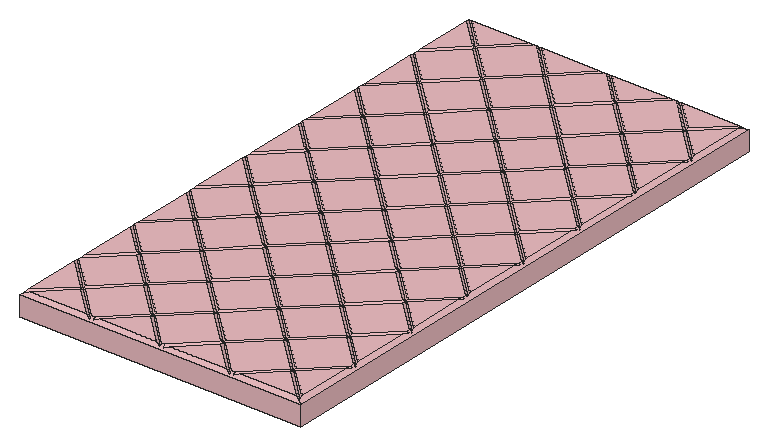
Revit family "CROSSED 2ft x 4ft", category Specialty Equipment, Revit 2023
Family settings
  Round Connector Dimension = Use Diameter
  Part Type = Normal
  OmniClass Number = 23.35.00.00
  OmniClass Title = Covering, Cladding, and Finishes
  Work Plane-Based = Yes
  Enable Cutting in Views = Yes
  Always vertical = No
  Cut with Voids When Loaded = No
  Maintain Annotation Orientation = No
  Shared = No
  Room Calculation Point = No
Parameters (values of type "2 INCH THICK - CUSTOM PAINTED - STANDARD")
  URL = "https://www.acousticalsurfaces.com/envirocoustic-wood-wool/designs/"
  Type Comments = "Acoustic panels for vertical and horizontal surfaces"
  Thickness = 0' - 2"
  Recycled Content Percentage = "0%"
  Model = "Envirocoustic Wood Wool"
  Material = "Envirocoustic Wood Wool"
  Manufacturer = "Acoustical Surfaces, Inc."
  Fire Rating = "ASTM E84 - Class A"
  Finish = Paint - Acoustical-Surfaces - Custom Painted
  Description = "Acoustic Panels"
  Default Elevation = 0' - 0"
  Backer Thickness = 0' - 1"
  Backer = no
  Assembly Code = "C30"
  Acoustics - NRC = "Sound absorption varies from NRC 0.45 to 0.95 based on installation method used when tested per ASTM C423."
Types (27): name | Thickness | Finish | Backer Thickness | Backer
  2 INCH THICK - CUSTOM PAINTED - STANDARD | 0' - 2" | Paint - Acoustical-Surfaces - Custom Painted | 0' - 1" | no
  2 INCH THICK - PRIMED WHITE - STANDARD | 0' - 2" | Paint - Acoustical-Surfaces - Primed White | 0' - 1" | no
  2 INCH THICK - PRIMED CLEAR - STANDARD | 0' - 2" | Paint - Acoustical-Surfaces - Primed Clear | 0' - 1" | no
  2 INCH THICK - PRIMED WHITE - 2 INCH CFAB BACKER | 0' - 2" | Paint - Acoustical-Surfaces - Primed White | 0' - 2" | yes
  2 INCH THICK - PRIMED WHITE - 1 INCH CFAB BACKER | 0' - 2" | Paint - Acoustical-Surfaces - Primed White | 0' - 1" | yes
  2 INCH THICK - PRIMED CLEAR - 2 INCH CFAB BACKER | 0' - 2" | Paint - Acoustical-Surfaces - Primed Clear | 0' - 2" | yes
  2 INCH THICK - PRIMED CLEAR - 1 INCH CFAB BACKER | 0' - 2" | Paint - Acoustical-Surfaces - Primed Clear | 0' - 1" | yes
  2 INCH THICK - CUSTOM PAINTED - 2 INCH CFAB BACKER | 0' - 2" | Paint - Acoustical-Surfaces - Custom Painted | 0' - 2" | yes
  2 INCH THICK - CUSTOM PAINTED - 1 INCH CFAB BACKER | 0' - 2" | Paint - Acoustical-Surfaces - Custom Painted | 0' - 1" | yes
  1-3/8 INCH THICK - CUSTOM PAINTED - STANDARD | 0' - 1 3/8" | Paint - Acoustical-Surfaces - Custom Painted | 0' - 1" | no
  1-3/8 INCH THICK - PRIMED WHITE - STANDARD | 0' - 1 3/8" | Paint - Acoustical-Surfaces - Primed White | 0' - 1" | no
  1-3/8 INCH THICK - PRIMED CLEAR - STANDARD | 0' - 1 3/8" | Paint - Acoustical-Surfaces - Primed Clear | 0' - 1" | no
  1-3/8 INCH THICK - PRIMED WHITE - 2 INCH CFAB BACKER | 0' - 1 3/8" | Paint - Acoustical-Surfaces - Primed White | 0' - 2" | yes
  1-3/8 INCH THICK - PRIMED WHITE - 1 INCH CFAB BACKER | 0' - 1 3/8" | Paint - Acoustical-Surfaces - Primed White | 0' - 1" | yes
  1-3/8 INCH THICK - PRIMED CLEAR - 2 INCH CFAB BACKER | 0' - 1 3/8" | Paint - Acoustical-Surfaces - Primed Clear | 0' - 2" | yes
  1-3/8 INCH THICK - PRIMED CLEAR - 1 INCH CFAB BACKER | 0' - 1 3/8" | Paint - Acoustical-Surfaces - Primed Clear | 0' - 1" | yes
  1-3/8 INCH THICK - CUSTOM PAINTED - 2 INCH CFAB BACKER | 0' - 1 3/8" | Paint - Acoustical-Surfaces - Custom Painted | 0' - 2" | yes
  1-3/8 INCH THICK - CUSTOM PAINTED - 1 INCH CFAB BACKER | 0' - 1 3/8" | Paint - Acoustical-Surfaces - Custom Painted | 0' - 1" | yes
  1 INCH THICK - CUSTOM PAINTED - STANDARD | 0' - 1" | Paint - Acoustical-Surfaces - Custom Painted | 0' - 1" | no
  1 INCH THICK - PRIMED WHITE - STANDARD | 0' - 1" | Paint - Acoustical-Surfaces - Primed White | 0' - 1" | no
  1 INCH THICK - PRIMED CLEAR - STANDARD | 0' - 1" | Paint - Acoustical-Surfaces - Primed Clear | 0' - 1" | no
  1 INCH THICK - PRIMED WHITE - 2 INCH CFAB BACKER | 0' - 1" | Paint - Acoustical-Surfaces - Primed White | 0' - 2" | yes
  1 INCH THICK - PRIMED WHITE - 1 INCH CFAB BACKER | 0' - 1" | Paint - Acoustical-Surfaces - Primed White | 0' - 1" | yes
  1 INCH THICK - PRIMED CLEAR - 2 INCH CFAB BACKER | 0' - 1" | Paint - Acoustical-Surfaces - Primed Clear | 0' - 2" | yes
  1 INCH THICK - PRIMED CLEAR - 1 INCH CFAB BACKER | 0' - 1" | Paint - Acoustical-Surfaces - Primed Clear | 0' - 1" | yes
  1 INCH THICK - CUSTOM PAINTED - 2 INCH CFAB BACKER | 0' - 1" | Paint - Acoustical-Surfaces - Custom Painted | 0' - 2" | yes
  1 INCH THICK - CUSTOM PAINTED - 1 INCH CFAB BACKER | 0' - 1" | Paint - Acoustical-Surfaces - Custom Painted | 0' - 1" | yes
Reference planes (in)
  plane 1 "Center (Front/Back)": y = 0
  plane 2: z = 0
  plane 3 "Center (Left/Right)": x = 0
  plane 4: x = -12
  plane 5: x = 12
  plane 6: y = 24
  plane 7: y = -24
  plane 8: z = 2
  plane 9: z = -1
Forms (in)
  Extrusion 1, solid, material "Paint - Acoustical-Surfaces - Custom Painted" <- "Finish"
    sketch origin (0, 0, 0) x (1, 0, 0) y (0, 1, 0)
      loop
        line (12, 24) -> (-12, 24) -> (-12, -24) -> (12, -24) -> (12, 24)
    from 0 to 2
  Sweep 2, void
    path in 3D
      loop
        line (12, 24, 2) -> (-12, 24, 2) -> (-12, -24, 2) -> (12, -24, 2) -> (12, 24, 2)
    profile "Triangle : Family2" origin (12, 0, 2) x (-1, 0, 0) y (0, 0, 1)
      loop
        line (0, 0) -> (0, -0.315) -> (0.315, 0) -> (0, 0)
  Extrusion 3, solid, visible <- "Backer"
    sketch origin (0, 0, 0) x (1, 0, 0) y (0, 1, 0)
      loop
        line (12, 24) -> (-12, 24) -> (-12, -24) -> (12, -24) -> (12, 24)
    from 0 to -1
  Sweep 4, void
    path origin (0, 0, 2) x (1, 0, 0) y (0, 1, 0)
      loop
        line (12.00002, 18) -> (6.00002, 24)
    profile "Groove : Family2" origin (9.00002, 21, 2) x (-0.707107, -0.707107, 0) y (0, 0, 1)
      loop
        line (-0.1575, 0) -> (0, -0.1575) -> (0.1575, 0) -> (-0.1575, 0)
  Sweep 5, void
    path origin (0, 0, 2) x (1, 0, 0) y (0, 1, 0)
      loop
        line (12, 12) -> (0, 24)
    profile "Groove : Family2" origin (6, 18, 2) x (-0.707107, -0.707107, 0) y (0, 0, 1)
      loop
        line (-0.1575, 0) -> (0, -0.1575) -> (0.1575, 0) -> (-0.1575, 0)
  Sweep 6, void
    path origin (0, 0, 2) x (1, 0, 0) y (0, 1, 0)
      loop
        line (12, 6) -> (-6.00002, 24)
    profile "Groove : Family2" origin (2.99999, 15, 2) x (-0.707106, -0.707107, 0) y (0, 0, 1)
      loop
        line (-0.1575, 0) -> (0, -0.1575) -> (0.1575, 0) -> (-0.1575, 0)
  Sweep 7, void
    path origin (0, 0, 2) x (1, 0, 0) y (0, 1, 0)
      loop
        line (-12, 24) -> (12, 0)
    profile "Groove : Family2" origin (0, 12, 2) x (0.707107, 0.707107, 0) y (0, 0, 1)
      loop
        line (-0.1575, 0) -> (0, -0.1575) -> (0.1575, 0) -> (-0.1575, 0)
  Sweep 8, void
    path origin (0, 0, 2) x (1, 0, 0) y (0, 1, 0)
      loop
        line (-12.00002, 18) -> (12, -6)
    profile "Groove : Family2" origin (-0.00001, 6, 2) x (0.707106, 0.707107, 0) y (0, 0, 1)
      loop
        line (-0.1575, 0) -> (0, -0.1575) -> (0.1575, 0) -> (-0.1575, 0)
  Sweep 9, void
    path origin (0, 0, 2) x (1, 0, 0) y (0, 1, 0)
      loop
        line (-12, 12) -> (12, -12)
    profile "Groove : Family2" origin (0, 0, 2) x (0.707107, 0.707107, 0) y (0, 0, 1)
      loop
        line (-0.1575, 0) -> (0, -0.1575) -> (0.1575, 0) -> (-0.1575, 0)
  Sweep 10, void
    path origin (0, 0, 2) x (1, 0, 0) y (0, 1, 0)
      loop
        line (-12, 6) -> (12, -18)
    profile "Groove : Family2" origin (0, -6, 2) x (0.707107, 0.707107, 0) y (0, 0, 1)
      loop
        line (-0.1575, 0) -> (0, -0.1575) -> (0.1575, 0) -> (-0.1575, 0)
  Sweep 11, void
    path origin (0, 0, 2) x (1, 0, 0) y (0, 1, 0)
      loop
        line (-12, 0) -> (12, -24)
    profile "Groove : Family2" origin (0, -12, 2) x (0.707107, 0.707107, 0) y (0, 0, 1)
      loop
        line (-0.1575, 0) -> (0, -0.1575) -> (0.1575, 0) -> (-0.1575, 0)
  Sweep 12, void
    path origin (0, 0, 2) x (1, 0, 0) y (0, 1, 0)
      loop
        line (6.00002, -24.00002) -> (-12, -6)
    profile "Groove : Family2" origin (-2.99999, -15.00001, 2) x (-0.707107, -0.707107, 0) y (0, 0, 1)
      loop
        line (-0.1575, 0) -> (0, -0.1575) -> (0.1575, 0) -> (-0.1575, 0)
  Sweep 13, void
    path origin (0, 0, 2) x (1, 0, 0) y (0, 1, 0)
      loop
        line (0, -24) -> (-12, -12)
    profile "Groove : Family2" origin (-6, -18, 2) x (-0.707107, -0.707107, 0) y (0, 0, 1)
      loop
        line (-0.1575, 0) -> (0, -0.1575) -> (0.1575, 0) -> (-0.1575, 0)
  Sweep 14, void
    path origin (0, 0, 2) x (1, 0, 0) y (0, 1, 0)
      loop
        line (-6.00002, -24) -> (-12, -18)
    profile "Groove : Family2" origin (-9.00001, -21, 2) x (-0.707108, -0.707106, 0) y (0, 0, 1)
      loop
        line (-0.1575, 0) -> (0, -0.1575) -> (0.1575, 0) -> (-0.1575, 0)
  Sweep 15, void
    path origin (0, 0, 2) x (1, 0, 0) y (0, 1, 0)
      loop
        line (-6.00002, 24) -> (-12.00002, 18)
    profile "Groove : Family2" origin (-9.00002, 21, 2) x (0.707107, -0.707107, 0) y (0, 0, 1)
      loop
        line (-0.1575, 0) -> (0, -0.1575) -> (0.1575, 0) -> (-0.1575, 0)
  Sweep 16, void
    path origin (0, 0, 2) x (1, 0, 0) y (0, 1, 0)
      loop
        line (0, 24) -> (-12, 12)
    profile "Groove : Family2" origin (-6, 18, 2) x (0.707107, -0.707107, 0) y (0, 0, 1)
      loop
        line (-0.1575, 0) -> (0, -0.1575) -> (0.1575, 0) -> (-0.1575, 0)
  Sweep 17, void
    path origin (0, 0, 2) x (1, 0, 0) y (0, 1, 0)
      loop
        line (6.00002, 24) -> (-12, 6)
    profile "Groove : Family2" origin (-2.99999, 15, 2) x (0.707106, -0.707107, 0) y (0, 0, 1)
      loop
        line (-0.1575, 0) -> (0, -0.1575) -> (0.1575, 0) -> (-0.1575, 0)
  Sweep 18, void
    path origin (0, 0, 2) x (1, 0, 0) y (0, 1, 0)
      loop
        line (12, 24) -> (-12, 0)
    profile "Groove : Family2" origin (0, 12, 2) x (0.707107, -0.707107, 0) y (0, 0, 1)
      loop
        line (-0.1575, 0) -> (0, -0.1575) -> (0.1575, 0) -> (-0.1575, 0)
  Sweep 19, void
    path origin (0, 0, 2) x (1, 0, 0) y (0, 1, 0)
      loop
        line (-12, -6) -> (12.00002, 18)
    profile "Groove : Family2" origin (0.00001, 6, 2) x (-0.707106, 0.707107, 0) y (0, 0, 1)
      loop
        line (-0.1575, 0) -> (0, -0.1575) -> (0.1575, 0) -> (-0.1575, 0)
  Sweep 20, void
    path origin (0, 0, 2) x (1, 0, 0) y (0, 1, 0)
      loop
        line (-12, -12) -> (12, 12)
    profile "Groove : Family2" origin (0, 0, 2) x (-0.707107, 0.707107, 0) y (0, 0, 1)
      loop
        line (-0.1575, 0) -> (0, -0.1575) -> (0.1575, 0) -> (-0.1575, 0)
  Sweep 21, void
    path origin (0, 0, 2) x (1, 0, 0) y (0, 1, 0)
      loop
        line (-12, -18) -> (12, 6)
    profile "Groove : Family2" origin (0, -6, 2) x (-0.707107, 0.707107, 0) y (0, 0, 1)
      loop
        line (-0.1575, 0) -> (0, -0.1575) -> (0.1575, 0) -> (-0.1575, 0)
  Sweep 22, void
    path origin (0, 0, 2) x (1, 0, 0) y (0, 1, 0)
      loop
        line (12, 0) -> (-12, -24)
    profile "Groove : Family2" origin (0, -12, 2) x (0.707107, -0.707107, 0) y (0, 0, 1)
      loop
        line (-0.1575, 0) -> (0, -0.1575) -> (0.1575, 0) -> (-0.1575, 0)
  Sweep 23, void
    path origin (0, 0, 2) x (1, 0, 0) y (0, 1, 0)
      loop
        line (12, -6) -> (-6.00002, -24.00002)
    profile "Groove : Family2" origin (2.99999, -15.00001, 2) x (0.707107, -0.707107, 0) y (0, 0, 1)
      loop
        line (-0.1575, 0) -> (0, -0.1575) -> (0.1575, 0) -> (-0.1575, 0)
  Sweep 24, void
    path origin (0, 0, 2) x (1, 0, 0) y (0, 1, 0)
      loop
        line (12, -12) -> (0, -24)
    profile "Groove : Family2" origin (6, -18, 2) x (0.707107, -0.707107, 0) y (0, 0, 1)
      loop
        line (-0.1575, 0) -> (0, -0.1575) -> (0.1575, 0) -> (-0.1575, 0)
  Sweep 25, void
    path origin (0, 0, 2) x (1, 0, 0) y (0, 1, 0)
      loop
        line (12, -18) -> (6.00002, -24)
    profile "Groove : Family2" origin (9.00001, -21, 2) x (0.707108, -0.707106, 0) y (0, 0, 1)
      loop
        line (-0.1575, 0) -> (0, -0.1575) -> (0.1575, 0) -> (-0.1575, 0)
Cuts and joins
  Sweep 2, Sweep 4, Sweep 5, Sweep 6, Sweep 7, Sweep 8, Sweep 9, Sweep 10, Sweep 11, Sweep 12, Sweep 13, Sweep 14, Sweep 15, Sweep 16, Sweep 17, Sweep 18, Sweep 19, Sweep 20, Sweep 21, Sweep 22, Sweep 23, Sweep 24, Sweep 25 cuts Extrusion 1
Lines and regions (in)
  sketch lines
    curve 1: line (12, -24, 2) -> (12, 24, 2)
    curve 2: line (-12, -24, 2) -> (12, -24, 2)
    curve 3: line (-12, 24, 2) -> (-12, -24, 2)
    curve 4: line (12, 24, 2) -> (-12, 24, 2)
Dimensions and locks (in)
  equal spacing: plane 4, plane 3 "Center (Left/Right)", plane 5
  equal spacing: plane 7, plane 1 "Center (Front/Back)", plane 6
  plane 7 to plane 6 = 4' - 0"
  locked: plane 4 to plane 5 at 24
  "Thickness": plane 8 to level
  "Backer Thickness": level to plane 9
  aligned and locked: level to plane 2
  aligned and locked: Extrusion 1 sketch curve to plane 4
  aligned and locked: plane 5 to Extrusion 1 sketch curve
  aligned and locked: Extrusion 1 sketch curve to plane 6
  aligned and locked: Extrusion 1 sketch curve to plane 7
  aligned and locked: Extrusion 1 to plane 8
  aligned and locked: Extrusion 3 sketch curve to plane 4
  aligned and locked: plane 5 to Extrusion 3 sketch curve
  aligned and locked: Extrusion 3 sketch curve to plane 6
  aligned and locked: Extrusion 3 sketch curve to plane 7
  aligned and locked: plane 9 to Extrusion 3
Automatic sketch dimensions
  Sweep 13 sketch curve to Extrusion 1 = 0' - 0"
  Extrusion 1 to Sweep 13 sketch curve = 0' - 0"
  Sweep 13 sketch curve to Extrusion 1 = 1' - 0"  (x2)
